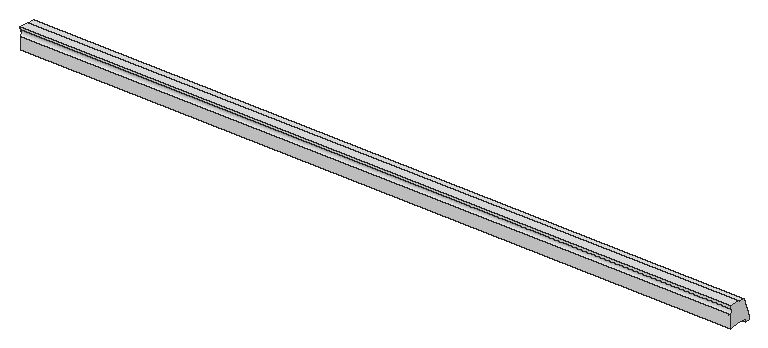
Revit family "13-MOULDING-CADS-165-PCBSUBSILLNOSE-4-REVIT_Versatex-Generic-Model-SUB-SILL-NOSE", category Generic Models, host Face, Revit 2026
Family settings
  Host = Face
  Can host rebar = No
  Round Connector Dimension = Use Diameter
  Part Type = Normal
  Cut with Voids When Loaded = No
  Maintain Annotation Orientation = No
  Shared = No
  Room Calculation Point = No
Parameters
  Model = "PCBSUBSILLNOSE"
  Length = 4' - 0"
  Warranty = "https://versatex.com/warranty/"
  URL = "https://versatex.com/"
  Specification = "https://www.arcat.com/company/versatex-45716/spec?coid=45716"
  Sales Information = "https://versatex.com/dealer-locator/"
  Message Manufacturer = "https://versatex.com/contact/"
  Material = Versatex PVC - Smooth
  Manufacturer Website = "https://versatex.com/"
  Manufacturer Phone = "724-857-1111"
  Manufacturer Fax = "724-857-1171"
  Manufacturer Address = "400 Steel Street, Aliquippa, PA 15001"
  Manufacturer = "Versatex"
  Literature = "https://versatex.com/literature/?_sft_literature_category=cads"
  Description = "SUB SILL NOSE"
  Default Elevation = 4' - 0"
  Copyright = "© 2024 VERSATEX Building Products, LLC"
Reference planes (in)
  plane 1 "Center (Front/Back)": y = 0
  plane 2: z = 0
  plane 3 "Center (Left/Right)": x = 0
  plane 4: x = 24
  plane 5: x = -24
Forms (in)
  Sweep 1, solid, material "Versatex PVC - Smooth" <- "Material"
    path origin (0, 0, 0) x (1, 0, 0) y (0, 1, 0)
      loop
        line (-24, 0) -> (24, 0)
    profile "Versatex_Profile_SUB SILL NOSE : Versatex_Profile_SUB SILL NOSE" origin (0, 0, 0) x (0, 1, 0) y (0, 0, 1)
      loop
        arc (0.08829, 0.13166) -> (0.60282, 0.20579) -> (1.12164, 0.17333) r 2.53347
        line (1.12164, 0.17333) -> (1.26997, 0.17333) -> (1.26997, 0) -> (1.5033, 0) -> (1.5033, 0.26833) -> (1.13664, 1.47167) -> (0.70664, 1.47167) -> (0.65997, 1.53167) -> (-0.00003, 1.53167) -> (-0.00003, 1.355)
        arc (-0.00003, 1.355) -> (0.11497, 1.15751) -> (0, 0.96) r 0.22711
        line (0, 0.96) -> (0, 0.13166) -> (0.08829, 0.13166)
Dimensions and locks (in)
  "Length": plane 5 to plane 4
  equal spacing: plane 5, plane 3 "Center (Left/Right)", plane 4, locked at 24 each
  aligned and locked: plane 2 to host face
  aligned and locked: level to host face
Automatic sketch dimensions
  host sketch curve to host sketch curve = 8' - 0"  (x2)
  plane 1 "Center (Front/Back)" to Sweep 1 sketch curve = 0' - 0"
  Sweep 1 sketch curve to plane 5 = 0' - 0"
  Sweep 1 sketch curve to plane 4 = 0' - 0"
